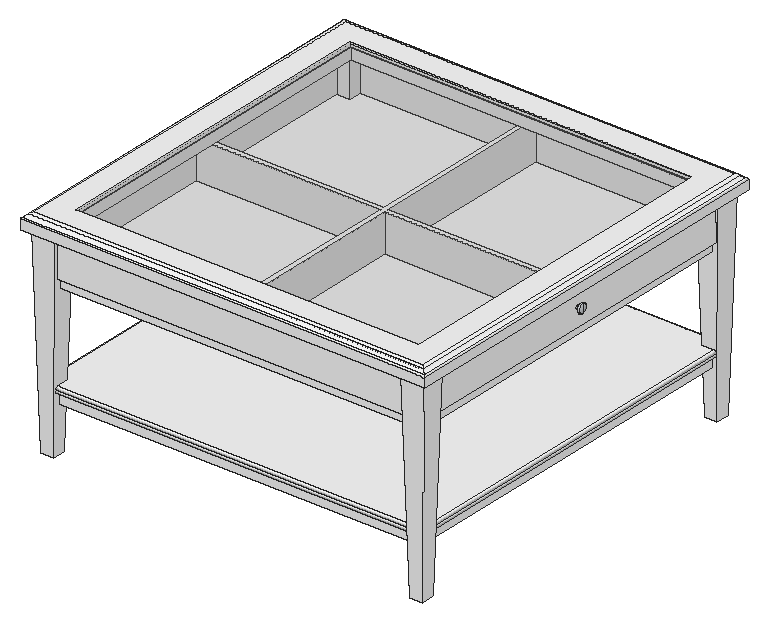
Revit family "IKEA_Liatorp_Coffe_Table", category Arredi, Revit 2014
Parameters (values of type "quadrato")
  Width = 930 mm
  Thicknes = 34.518 mm
  Shelf Thicknes = Thicknes / 5  # 6.904 mm
  Material = Paint - White
  Height = 510 mm
  Depth = 930 mm
Reference planes
  plane 1 "Centre (Front/Back)": y = 0
  plane 2: z = 0
  plane 3 "Centre (Left/Right)": x = 0
  plane 4 "Left": x = -465
  plane 5 "Right": x = 465
  plane 6 "Back": y = 465
  plane 7 "Front": y = -465
  plane 8 "Top": z = 510
  plane 9 "Shelf": z = 200
  plane 10: z = 152.089
Forms (mm)
  Extrusion 1, solid, material "Paint - White"
    sketch origin (0, 0, 200) x (-1, 0, 0) y (0, -1, 0)
      loop
        line (440, 440) -> (-440, 440) -> (-440, -440) -> (440, -440) -> (440, 440)
    from -88.497 to -47.911
  Extrusion 2, solid, material "Paint - White"
    sketch origin (0, 465, -100) x (1, 0, 0) y (0, 0, 1)
      loop
        line (-445, 485) -> (-445, 461.51) -> (445, 461.51) -> (445, 485) -> (-445, 485)
    from 20 to 910
  Extrusion 3, void
    sketch origin (0, 0, 200) x (-1, 0, 0) y (0, -1, 0)
      loop
        line (405, -405) -> (405, 405) -> (-405, 405) -> (-405, -405) -> (405, -405)
    from 275.482 to 310
  Extrusion 4, solid, material "Paint - White"
    sketch origin (0, 0, 200) x (-1, 0, 0) y (0, -1, 0)
      loop
        line (455, -455) -> (455, 455) -> (-455, 455) -> (-455, -455) -> (455, -455)
      loop
        line (440, -440) -> (440, -5) -> (5, -5) -> (5, -440) -> (440, -440)
      loop
        line (440, 440) -> (5, 440) -> (5, 5) -> (440, 5) -> (440, 440)
      loop
        line (-440, 440) -> (-440, 5) -> (-5, 5) -> (-5, 440) -> (-440, 440)
      loop
        line (-440, -440) -> (-5, -440) -> (-5, -5) -> (-440, -5) -> (-440, -440)
    from 185 to 275.482
  Extrusion 5, solid, material "Vetro, Vetratura trasparente, Temprato"
    sketch origin (0, 0, 200) x (-1, 0, 0) y (0, -1, 0)
      loop
        line (405, -405) -> (405, 405) -> (-405, 405) -> (-405, -405) -> (405, -405)
    from 300.591 to 307.029
  Blend 6, solid, material "Paint - White"
    base sketch origin (0, 0, 200) x (-1, 0, 0) y (0, -1, 0)
      loop
        line (450, 450) -> (420, 450) -> (420, 420) -> (450, 420) -> (450, 450)
    top sketch origin (0, 0, 200) x (-1, 0, 0) y (0, -1, 0)
      loop
        line (462, 462) -> (408, 462) -> (408, 408) -> (462, 408) -> (462, 462)
    from -200 to 275.482
  Blend 7, solid, material "Paint - White"
    base sketch origin (0, 0, 200) x (1, 0, 0) y (0, 1, 0)
      loop
        line (450, -450) -> (450, -420) -> (420, -420) -> (420, -450) -> (450, -450)
    top sketch origin (0, 0, 200) x (1, 0, 0) y (0, 1, 0)
      loop
        line (462, -462) -> (462, -408) -> (408, -408) -> (408, -462) -> (462, -462)
    from -200 to 275.482
  Blend 8, solid, material "Paint - White"
    base sketch origin (0, 0, 200) x (-1, 0, 0) y (0, -1, 0)
      loop
        line (450, -450) -> (450, -420) -> (420, -420) -> (420, -450) -> (450, -450)
    top sketch origin (0, 0, 200) x (-1, 0, 0) y (0, -1, 0)
      loop
        line (462, -462) -> (462, -408) -> (408, -408) -> (408, -462) -> (462, -462)
    from -200 to 275.482
  Blend 9, solid, material "Paint - White"
    base sketch origin (0, 0, 200) x (1, 0, 0) y (0, 1, 0)
      loop
        line (450, 450) -> (420, 450) -> (420, 420) -> (450, 420) -> (450, 450)
    top sketch origin (0, 0, 200) x (1, 0, 0) y (0, 1, 0)
      loop
        line (462, 462) -> (408, 462) -> (408, 408) -> (462, 408) -> (462, 462)
    from -200 to 275.482
  Sweep 10, solid, material "Paint - White"
    path origin (0, 0, 0) x (1, 0, 0) y (0, 1, 0)
      loop
        line (-405, 405) -> (-405, -405) -> (405, -405) -> (405, 405) -> (-405, 405)
    profile origin (0, 405, 0) x (0, 1, 0) y (0, 0, 1)
      loop
        line (-5, 475.482) -> (72.5, 475.482) -> (72.5, 496.923)
        arc (72.5, 496.923) -> (71.751, 499.199) -> (69.796, 500.585) r 3.832
        arc (69.796, 500.585) -> (65.288, 502.868) -> (61.797, 506.521) r 14.954
        arc (61.797, 506.521) -> (58.812, 509.211) -> (54.914, 510.183) r 8.3
        line (54.914, 510.183) -> (0, 510.183) -> (0, 500.591) -> (-5, 500.591) -> (-5, 475.482)
  Sweep 11, solid, material "Paint - White"
    path origin (-415.802, -1524, 152.089) x (-1, 0, 0) y (0, -1, 0)
      loop
        line (34.198, -1074) -> (-865.802, -1074) -> (-865.802, -1974) -> (34.198, -1974) -> (34.198, -1074)
    profile origin (0, -450, 152.089) x (0, 1, 0) y (0, 0, 1)
      loop
        line (10, 0) -> (3.889, 0)
        arc (3.889, 0) -> (0.22, -3.67) -> (3.889, -7.339) r 3.67
        arc (3.889, -7.339) -> (0.059, -11.17) -> (3.889, -15) r 3.83
        line (3.889, -15) -> (10, -15) -> (10, 0)
  Revolve 12, solid
    sketch origin (1441.329, 0, 1200) x (1, 0, 0) y (0, 0, 1)
      loop
        line (-986.329, -769.759) -> (-971.443, -769.759)
        arc (-971.443, -769.759) -> (-971.829, -764.658) -> (-973.383, -759.784) r 21.991
        arc (-973.383, -759.784) -> (-974.931, -758.842) -> (-976.373, -759.939) r 1.609
        arc (-976.373, -759.939) -> (-976.962, -761.359) -> (-978.381, -761.947) r 2.008
        arc (-978.381, -761.947) -> (-980.096, -762.84) -> (-980.344, -764.757) r 2.091
        arc (-980.344, -764.757) -> (-983.336, -765.997) -> (-986.329, -764.757) r 4.231
        line (-986.329, -764.757) -> (-986.329, -769.759)
      axis (-986.329, -769.759) -> (-971.443, -769.759)
    angle from 0 to 360
Cuts and joins
  joined: Extrusion 1, Extrusion 2, Extrusion 4, Blend 6, Blend 7, Blend 9, Sweep 11
Dimensions and locks
  "Width": plane 4 "Left" to plane 5 "Right"
  "Depth": plane 7 "Front" to plane 6 "Back"
  equal spacing: plane 4 "Left", plane 3 "Centre (Left/Right)", plane 5 "Right"
  equal spacing: plane 7 "Front", plane 1 "Centre (Front/Back)", plane 6 "Back"
  "Height": plane 8 "Top" to plane 2
  plane 8 "Top" to plane 9 "Shelf" to plane 2 = 310 mm, 200 mm
  aligned and locked: Extrusion 4 to cut or joined group of Extrusion 1, Extrusion 2, Extrusion 4, Blend 6, Blend 7, Blend 9, Sweep 11
  aligned and locked: Blend 6 to level
  aligned and locked: Sweep 10 sketch curve to cut or joined group of Extrusion 1, Extrusion 2, Extrusion 4, Blend 6, Blend 7, Blend 9, Sweep 11
  aligned and locked: Extrusion 1 to Sweep 11 sketch curve
Automatic sketch dimensions
  Extrusion 1 sketch curve to plane 5 "Right" = 25 mm
  plane 4 "Left" to Extrusion 1 sketch curve = 25 mm
  plane 6 "Back" to Extrusion 1 sketch curve = 25 mm
  Extrusion 1 sketch curve to plane 7 "Front" = 25 mm
  plane 4 "Left" to Extrusion 2 sketch curve = 20 mm
  Extrusion 2 sketch curve to plane 5 "Right" = 20 mm
  Extrusion 2 sketch curve to plane 8 "Top" = 148.49 mm
  Extrusion 2 sketch curve to Extrusion 2 sketch curve = 23.49 mm
  Extrusion 3 sketch curve to plane 5 "Right" = 60 mm
  plane 4 "Left" to Extrusion 3 sketch curve = 60 mm
  plane 6 "Back" to Extrusion 3 sketch curve = 60 mm
  Extrusion 3 sketch curve to plane 7 "Front" = 60 mm
  Extrusion 4 sketch curve to plane 5 "Right" = 10 mm
  Extrusion 4 sketch curve to Extrusion 4 sketch curve = 15 mm
  Extrusion 4 sketch curve to plane 1 "Centre (Front/Back)" = 5 mm  (x2)
  Extrusion 4 sketch curve to Extrusion 4 sketch curve = 0 mm  (x3)
  plane 3 "Centre (Left/Right)" to Extrusion 4 sketch curve = 5 mm  (x2)
  Extrusion 4 sketch curve to plane 3 "Centre (Left/Right)" = 5 mm  (x2)
  plane 1 "Centre (Front/Back)" to Extrusion 4 sketch curve = 5 mm  (x2)
  plane 4 "Left" to Extrusion 4 sketch curve = 25 mm  (x2)
  plane 4 "Left" to Extrusion 4 sketch curve = 10 mm
  plane 6 "Back" to Extrusion 4 sketch curve = 25 mm
  plane 6 "Back" to Extrusion 4 sketch curve = 10 mm
  Extrusion 4 sketch curve to plane 7 "Front" = 25 mm
  Extrusion 4 sketch curve to plane 7 "Front" = 10 mm
  Extrusion 5 sketch curve to plane 5 "Right" = 60 mm
  plane 4 "Left" to Extrusion 5 sketch curve = 60 mm
  plane 6 "Back" to Extrusion 5 sketch curve = 60 mm
  Extrusion 5 sketch curve to plane 7 "Front" = 60 mm
  Blend 6 sketch curve to plane 7 "Front" = 15 mm
  plane 4 "Left" to Blend 6 sketch curve = 45 mm
  plane 4 "Left" to Blend 6 sketch curve = 15 mm
  Blend 6 sketch curve to Blend 6 sketch curve = 30 mm
  Blend 6 sketch curve to plane 7 "Front" = 3 mm
  plane 4 "Left" to Blend 6 sketch curve = 57 mm
  plane 4 "Left" to Blend 6 sketch curve = 3 mm
  Blend 6 sketch curve to Blend 6 sketch curve = 54 mm
  plane 7 "Front" to Blend 7 sketch curve = 15 mm
  plane 5 "Right" to Blend 7 sketch curve = 45 mm
  plane 5 "Right" to Blend 7 sketch curve = 15 mm
  Blend 7 sketch curve to Blend 7 sketch curve = 30 mm
  plane 7 "Front" to Blend 7 sketch curve = 3 mm
  plane 5 "Right" to Blend 7 sketch curve = 57 mm
  plane 5 "Right" to Blend 7 sketch curve = 3 mm
  Blend 7 sketch curve to Blend 7 sketch curve = 54 mm
  Blend 8 sketch curve to plane 6 "Back" = 15 mm
  Blend 8 sketch curve to plane 4 "Left" = 45 mm
  Blend 8 sketch curve to plane 4 "Left" = 15 mm
  Blend 8 sketch curve to Blend 8 sketch curve = 30 mm
  Blend 8 sketch curve to plane 6 "Back" = 3 mm
  Blend 8 sketch curve to plane 4 "Left" = 57 mm
  Blend 8 sketch curve to plane 4 "Left" = 3 mm
  Blend 8 sketch curve to Blend 8 sketch curve = 54 mm
  plane 6 "Back" to Blend 9 sketch curve = 15 mm
  Blend 9 sketch curve to plane 5 "Right" = 45 mm
  Blend 9 sketch curve to plane 5 "Right" = 15 mm
  Blend 9 sketch curve to Blend 9 sketch curve = 30 mm
  plane 6 "Back" to Blend 9 sketch curve = 3 mm
  Blend 9 sketch curve to plane 5 "Right" = 57 mm
  Blend 9 sketch curve to plane 5 "Right" = 3 mm
  Blend 9 sketch curve to Blend 9 sketch curve = 54 mm
  plane 4 "Left" to Sweep 10 sketch curve = 60 mm
  Sweep 10 sketch curve to plane 5 "Right" = 60 mm
  Sweep 10 sketch curve to plane 7 "Front" = 60 mm
  plane 6 "Back" to Sweep 10 sketch curve = 60 mm
  Sweep 10 sketch curve to profile plane = 0 mm
  Sweep 10 sketch curve to Sweep 10 sketch curve = 5 mm
  Sweep 10 sketch curve to profile plane = 54.914 mm
  Sweep 10 sketch curve to Sweep 10 sketch curve = 13.755 mm
  Sweep 10 sketch curve to Sweep 10 sketch curve = 3.832 mm
  Sweep 10 sketch curve to Sweep 10 sketch curve = 1.698 mm
  Sweep 10 sketch curve to Sweep 10 sketch curve = 21.441 mm
  Sweep 10 sketch curve to Sweep 10 sketch curve = 25.109 mm
  Sweep 10 sketch curve to Sweep 10 sketch curve = 4.96 mm
  Sweep 10 sketch curve to Sweep 10 sketch curve = 9.592 mm
  Sweep 10 sketch curve to Sweep 10 sketch curve = 17.954 mm
  Sweep 10 sketch curve to Sweep 10 sketch curve = 0 mm
  Sweep 11 sketch curve to plane 5 "Right" = 15 mm
  plane 4 "Left" to Sweep 11 sketch curve = 15 mm
  plane 6 "Back" to Sweep 11 sketch curve = 15 mm
  Sweep 11 sketch curve to plane 7 "Front" = 15 mm
  Sweep 11 sketch curve to plane 10 = 0 mm
  Sweep 11 sketch curve to profile plane = 3.889 mm
  Sweep 11 sketch curve to Sweep 11 sketch curve = 3.67 mm
  Sweep 11 sketch curve to Sweep 11 sketch curve = 3.83 mm  (x2)
  Revolve 12 sketch curve to plane 5 "Right" = 17.087 mm
  Revolve 12 sketch curve to Revolve 12 sketch curve = 7.087 mm
  Revolve 12 sketch curve to Revolve 12 sketch curve = 2.992 mm
  Revolve 12 sketch curve to plane 5 "Right" = 2.053 mm
  plane 5 "Right" to Revolve 12 sketch curve = 1.481 mm
  plane 5 "Right" to Revolve 12 sketch curve = 4.886 mm
  Revolve 12 sketch curve to plane 8 "Top" = 79.759 mm
  Revolve 12 sketch curve to Revolve 12 sketch curve = 0.904 mm
  Revolve 12 sketch curve to Revolve 12 sketch curve = 5.001 mm
  Revolve 12 sketch curve to Revolve 12 sketch curve = 0.72 mm
  Revolve 12 sketch curve to Revolve 12 sketch curve = 2.991 mm
  Revolve 12 sketch curve to Revolve 12 sketch curve = 3.588 mm
  Revolve 12 sketch curve to Revolve 12 sketch curve = 0.51 mm
  Revolve 12 sketch curve to Revolve 12 sketch curve = 0 mm  (x2)
  Revolve 12 sketch curve to Revolve 12 sketch curve = 1.963 mm
  Revolve 12 sketch curve to Revolve 12 sketch curve = 1.526 mm
  Revolve 12 sketch curve to Revolve 12 sketch curve = 35.114 mm
